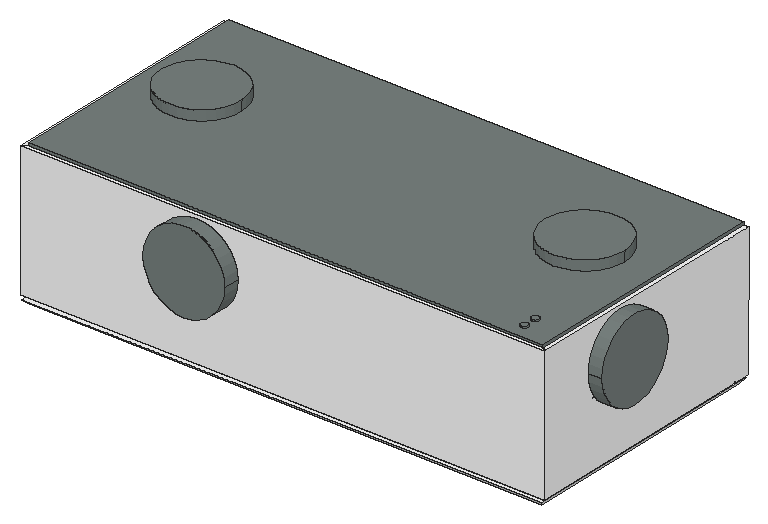
Revit family "AM 500 VDIDE", category Mechanical Equipment, Revit 2019
Family settings
  Round Connector Dimension = Use Diameter
  Part Type = Normal
  OmniClass Number = 23.75.00.00
  OmniClass Title = Climate Control (HVAC)
  Work Plane-Based = No
  Always vertical = Yes
  Cut with Voids When Loaded = No
  Shared = No
  Room Calculation Point = No
Parameters
  Weight (Standard Unit) = 108  # constant formula
  Water Heater Surface Return = 10 mm  # constant formula
  Water Heater Surface IN = 10 mm  # constant formula
  Visible [instance] = no
  URL = "www.airmaster-as.com"
  Total Width = 1600 mm  # constant formula
  Total Hight = 439 mm  # constant formula
  Top Panel [instance] = yes
  T-C Duct Supply = 171.3 mm  # constant formula
  T-C Duct Exhaust = 171.3 mm  # constant formula
  Suply Air In = 250 mm  # constant formula
  R-C Duct Supply = 238 mm  # constant formula
  Phase 1 - Max Power Consumption = "1762 W"
  Phase 1 - Max Current = "8,1 A"
  Panel R [instance] = yes
  Nominal current, electrical preheating surface = "4,4 A"
  Nominal current, electrical comfort heating surface = "2,6 A"
  Nominal current, air handling unit = "1,1 A"
  Network Conection = "AWG 24 CAT 5e STP"
  Model = "AM 500 VDIDE"
  Middle Panel [instance] = yes
  Max. flow rate 35 dB(A) with ePM10 80% filters = 440.00 m³  # constant formula
  Max. flow rate 35 dB(A) with ePM10 55% filters = 495.00 m³  # constant formula
  Max. flow rate 35 dB(A) with ePM10 50% filters = 550.00 m³  # constant formula
  Max. flow rate 30 dB(A) with ePM10 80% filters = 344.00 m³  # constant formula
  Max. flow rate 30 dB(A) with ePM10 55% filters = 387.00 m³  # constant formula
  Max. flow rate 30 dB(A) with ePM10 50% filters = 430.00 m³  # constant formula
  Manufacturer = "Airmaster A/S"
  Maintenance [instance] = no
  L-C Duct Exhaust = 192 mm  # constant formula
  Front Panel [instance] = yes
  Exhaust Air = 250 mm  # constant formula
  Total Depth = 779 mm  # constant formula
  Electrical connection = "1 ~ 230 V / N / PE / 50 Hz"
  Duct Supply = 250 mm  # constant formula
  Duct Extraction = 250 mm  # constant formula
  Drawn By = "LSB"
  Condensate = 9 mm  # constant formula
  Buttom Panel [instance] = yes
  BMS Panel = "(PTS) 2x2x0,6"
  BMS Out = "(PTS) 2x2x0,6"
  BMS IN = "(PTS) 2x2x0,6"
  Airlow area [instance] = no
Reference planes
  plane 1 "Center (Front/Back)": y = 0
  plane 2: z = 0
  plane 3 "Center (Left/Right)": x = 0
  plane 4 "Center L/S": y = -779
  plane 5 "Center L/T": x = -800
  plane 6 "Center L/U": x = 800
  plane 7 "TOP": z = 439
  plane 8 "Center L/V": x = -785
  plane 9 "Center L/W": y = -764
  plane 10 "Center L/X": x = 785
  plane 11 "Panel Buttom": z = 24.45
  plane 12 "Panel Top": z = 153.45
  plane 13 "Hatch": z = 14.5
  plane 14 "Center L/Z": z = 163.4
  plane 15 "Center L/AA": z = 292.4
  plane 16 "Center L/BB": z = 302.35
  plane 17 "Center L/CC": z = 431.35
Forms (mm)
  Extrusion 1, solid, material "AM Grey"
    sketch origin (0, 0, 0) x (1, 0, 0) y (0, 1, 0)
      loop
        line (-785, 0) -> (-785, -764) -> (785, -764) -> (785, 0) -> (-785, 0)
    from 14.5 to 439
  Extrusion 2, solid, material "AM White", visible <- "Visible"
    sketch origin (794.5, -1524, 24.45) x (0, -1, 0) y (-1, 0, 0)
      loop
        line (-745, -5.5) -> (-745, 1592.5) -> (-760, 1577.5) -> (-760, 9.5) -> (-1524, 9.5) -> (-1524, -5.5) -> (-745, -5.5)
    from 0 to -129
  Blend 3, solid, material "AM White"
    base sketch origin (-790.646, -1524, 14.5) x (0, -1, 0) y (1, 0, 0)
      loop
        line (-745, -2.387) -> (-745, 1583.657) -> (-1524, 1583.657) -> (-1524, -2.387) -> (-745, -2.387)
    top sketch origin (-790.646, -1524, 14.5) x (0, -1, 0) y (1, 0, 0)
      loop
        line (-760, 8.963) -> (-760, 1572.646) -> (-1509.161, 1572.646) -> (-1509.161, 8.963) -> (-760, 8.963)
    from 0 to -14.5
  Extrusion 4, solid, material "AM Grey"
    sketch origin (-785, -20, 0) x (0, 1, 0) y (0, 0, -1)
      loop
        arc (-34.231, -35.823) -> (-20.604, -46.468) -> (-15.509, -29.944) r 10.5
        arc (-15.509, -29.944) -> (-26.896, -26.432) -> (-34.231, -35.823) r 10.5
    from 0 to 14.9
  Extrusion 5, solid, material "AM Grey"
    sketch origin (785, 0, 0) x (0, -1, 0) y (0, 0, -1)
      loop
        circle (48.75, -36.414) r 8
    from 0 to 14.9
  Extrusion 6, solid, material "AM Grey"
    sketch origin (785, 0, 0) x (0, -1, 0) y (0, 0, -1)
      loop
        circle (48.75, -60.414) r 5.5
    from 0 to 14.9
  Extrusion 7, solid, material "AM Grey"
    sketch origin (785, 0, 0) x (0, -1, 0) y (0, 0, -1)
      loop
        arc (52.21, -82.945) -> (49.124, -78.934) -> (45.257, -82.197) r 3.5
        arc (45.257, -82.197) -> (48.376, -85.894) -> (52.21, -82.945) r 3.5
    from 0 to 14.9
  Extrusion 8, solid, material "AM Grey"
    sketch origin (785, 0, 0) x (0, -1, 0) y (0, 0, -1)
      loop
        arc (52.21, -104.867) -> (49.124, -100.856) -> (45.257, -104.119) r 3.5
        arc (45.257, -104.119) -> (48.376, -107.816) -> (52.21, -104.867) r 3.5
    from 0 to 14.9
  Extrusion 9, solid, material "AM Grey"
    sketch origin (785, 0, 0) x (0, -1, 0) y (0, 0, -1)
      loop
        arc (666.553, -391.641) -> (678.119, -403.614) -> (689.95, -391.903) r 11.7
        arc (689.95, -391.903) -> (678.381, -380.215) -> (666.553, -391.641) r 11.7
    from 0 to 2
  Extrusion 10, solid, material "AM Grey"
    sketch origin (785, 0, 0) x (0, -1, 0) y (0, 0, -1)
      loop
        arc (707.323, -393.239) -> (721.418, -403.717) -> (730.869, -388.914) r 12
        arc (730.869, -388.914) -> (717.082, -380.112) -> (707.323, -393.239) r 12
    from 0 to 2
  Extrusion 11, solid, material "AM Grey"
    sketch origin (-2194.69, 0, 0) x (1, 0, 0) y (0, 0, -1)
      loop
        arc (1478.835, -24) -> (1493.457, -45.482) -> (1480.281, -23.084) r 13
        line (1480.281, -23.084) -> (1478.835, -24)
    from 0 to 2
  Extrusion 12, solid, material "AM Grey"
    sketch origin (0, 0, 439) x (1, 0, 0) y (0, 1, 0)
      loop
        arc (693.662, -689.53) -> (693, -667.55) -> (692.338, -689.53) r 11
        line (692.338, -689.53) -> (693.662, -689.53)
    from 0 to 2
  Extrusion 13, solid, material "AM Grey"
    sketch origin (0, 0, 439) x (1, 0, 0) y (0, 1, 0)
      loop
        arc (693.662, -730.28) -> (693, -708.3) -> (692.338, -730.28) r 11
        line (692.338, -730.28) -> (693.662, -730.28)
    from 0 to 2
  Extrusion 14, solid, material "Maintenece", visible <- "Maintenance"
    sketch origin (-790.646, -1524, 0) x (1, 0, 0) y (0, -1, 0)
      loop
        line (-9.354, -1524) -> (1590.646, -1524) -> (1590.646, -745) -> (-9.354, -745) -> (-9.354, -1524)
    from 0 to 1200
  Extrusion 15, solid, material "AM Grey"
    sketch origin (785, 0, 0) x (0, -1, 0) y (0, 0, -1)
      loop
        circle (489, -299.25) r 125
    from 0 to 60
  Extrusion 16, solid, material "AM White", visible <- "Middle Panel"
    sketch origin (794.5, -1524, 163.4) x (0, -1, 0) y (-1, 0, 0)
      loop
        line (-1524, 1594.5) -> (-1524, 1579.5) -> (-762, 1579.5) -> (-747, 1594.5) -> (-1524, 1594.5)
    from 0 to -129
  Extrusion 17, solid, material "AM White", visible <- "Top Panel"
    sketch origin (794.5, -1524, 302.35) x (0, -1, 0) y (-1, 0, 0)
      loop
        line (-1524, 1594.5) -> (-1524, 1579.5) -> (-762, 1579.5) -> (-747, 1594.5) -> (-1524, 1594.5)
    from 0 to -129
  Extrusion 18, solid, material "AM Grey"
    sketch origin (785, -764, 0) x (-1, 0, 0) y (0, 0, -1)
      loop
        circle (1045, -298.664) r 125
    from 0 to 63
  Extrusion 19, solid, material "AM White", visible <- "Front Panel"
    sketch origin (794.5, -1524, 163.4) x (0, -1, 0) y (-1, 0, 0)
      loop
        line (-745, -3.5) -> (-745, 1592.5) -> (-760, 1577.5) -> (-760, 11.5) -> (-745, -3.5)
    from 138.95 to -267.95
  Extrusion 20, solid, material "AM White", visible <- "Panel R"
    sketch origin (794.5, -1524, 24.45) x (0, -1, 0) y (-1, 0, 0)
      loop
        line (-1524, 9.5) -> (-1524, -5.5) -> (-747, -5.5) -> (-762, 9.5) -> (-1524, 9.5)
    from -406.9 to 0
  Extrusion 21, solid, material "AM White", visible <- "Buttom Panel"
    sketch origin (794.5, -1524, 24.45) x (0, -1, 0) y (-1, 0, 0)
      loop
        line (-1524, 1594.5) -> (-1524, 1579.5) -> (-762, 1579.5) -> (-747, 1594.5) -> (-1524, 1594.5)
    from 0 to -129
  Extrusion 22, solid, material "AM Grey"
    sketch origin (0, 0, 439) x (1, 0, 0) y (0, 1, 0)
      loop
        circle (-606.5, -327.8) r 121.822
    from 0 to 30
  Extrusion 23, solid, material "AM Grey"
    sketch origin (1170, 0, 439) x (1, 0, 0) y (0, 1, 0)
      loop
        circle (-606.5, -327.8) r 121.822
    from 0 to 30
Dimensions and locks
  "Total Depth": plane 4 "Center L/S" to plane 1 "Center (Front/Back)"
  equal spacing: plane 5 "Center L/T", plane 3 "Center (Left/Right)", plane 6 "Center L/U"
  "Total Width": plane 5 "Center L/T" to plane 6 "Center L/U"
  "Total Hight": plane 7 "TOP" to level
  locked: plane 10 "Center L/X" to plane 6 "Center L/U" at 15
  locked: plane 4 "Center L/S" to plane 9 "Center L/W" at 15
  locked: plane 5 "Center L/T" to plane 8 "Center L/V" at 15
  Extrusion 1 to Blend 3 sketch curve = 14.839 mm
  aligned and locked: level to plane 2
  aligned and locked: plane 1 "Center (Front/Back)" to Extrusion 1 sketch curve
  aligned and locked: Extrusion 1 sketch curve to plane 8 "Center L/V"
  aligned and locked: Extrusion 1 sketch curve to plane 9 "Center L/W"
  aligned and locked: Extrusion 1 sketch curve to plane 10 "Center L/X"
  aligned and locked: plane 7 "TOP" to Extrusion 1
  aligned and locked: plane 4 "Center L/S" to Extrusion 2 sketch curve
  aligned and locked: plane 6 "Center L/U" to Extrusion 2 sketch curve
  aligned and locked: Extrusion 2 sketch curve to Extrusion 1  (x2)
  aligned and locked: plane 1 "Center (Front/Back)" to Extrusion 2 sketch curve
  aligned and locked: Extrusion 2 to plane 12 "Panel Top"
  aligned and locked: Blend 3 to plane 2
  aligned and locked: plane 13 "Hatch" to Extrusion 1
  aligned and locked: Extrusion 16 to plane 15 "Center L/AA"
  aligned and locked: Extrusion 17 to plane 17 "Center L/CC"
  aligned and locked: Extrusion 19 to plane 17 "Center L/CC"
Automatic sketch dimensions
  plane 8 "Center L/V" to Extrusion 2 sketch curve = 2 mm
  plane 5 "Center L/T" to Extrusion 2 sketch curve = 2 mm
  plane 1 "Center (Front/Back)" to Blend 3 sketch curve = 0 mm
  plane 4 "Center L/S" to Blend 3 sketch curve = 0 mm
  plane 5 "Center L/T" to Blend 3 sketch curve = 6.967 mm
  Blend 3 sketch curve to plane 6 "Center L/U" = 6.989 mm
  plane 9 "Center L/W" to Blend 3 sketch curve = 0 mm
  plane 8 "Center L/V" to Blend 3 sketch curve = 3.316 mm
  Blend 3 sketch curve to plane 10 "Center L/X" = 3 mm
  Extrusion 4 sketch curve to Extrusion 4 sketch curve = 0 mm  (x2)
  Extrusion 1 to Extrusion 4 sketch curve = 43.75 mm
  Extrusion 1 to Extrusion 4 sketch curve = 21.95 mm
  Extrusion 4 sketch curve to Extrusion 4 sketch curve = 10.481 mm
  Extrusion 4 sketch curve to Extrusion 4 sketch curve = 8.241 mm
  Extrusion 4 sketch curve to Extrusion 4 sketch curve = 0.627 mm
  Extrusion 1 to Extrusion 5 sketch curve = 21.914 mm
  Extrusion 1 to Extrusion 5 sketch curve = 48.75 mm
  Extrusion 1 to Extrusion 6 sketch curve = 48.75 mm
  Extrusion 1 to Extrusion 6 sketch curve = 45.914 mm
  Extrusion 7 sketch curve to Extrusion 7 sketch curve = 0 mm  (x2)
  Extrusion 1 to Extrusion 7 sketch curve = 48.75 mm
  Extrusion 1 to Extrusion 7 sketch curve = 67.914 mm
  Extrusion 7 sketch curve to Extrusion 7 sketch curve = 3.493 mm
  Extrusion 7 sketch curve to Extrusion 7 sketch curve = 3.46 mm
  Extrusion 7 sketch curve to Extrusion 7 sketch curve = 0.531 mm
  Extrusion 8 sketch curve to Extrusion 8 sketch curve = 0 mm  (x2)
  Extrusion 1 to Extrusion 8 sketch curve = 48.75 mm
  Extrusion 1 to Extrusion 8 sketch curve = 89.836 mm
  Extrusion 8 sketch curve to Extrusion 8 sketch curve = 3.493 mm
  Extrusion 8 sketch curve to Extrusion 8 sketch curve = 3.46 mm
  Extrusion 8 sketch curve to Extrusion 8 sketch curve = 0.531 mm
  Extrusion 9 sketch curve to Extrusion 9 sketch curve = 0 mm  (x2)
  Extrusion 1 to Extrusion 9 sketch curve = 85.75 mm
  Extrusion 1 to Extrusion 9 sketch curve = 47.086 mm
  Extrusion 9 sketch curve to Extrusion 9 sketch curve = 11.697 mm
  Extrusion 9 sketch curve to Extrusion 9 sketch curve = 11.7 mm
  Extrusion 9 sketch curve to Extrusion 9 sketch curve = 0.011 mm
  Extrusion 10 sketch curve to Extrusion 10 sketch curve = 0 mm  (x2)
  Extrusion 1 to Extrusion 10 sketch curve = 44.75 mm
  Extrusion 1 to Extrusion 10 sketch curve = 47.086 mm
  Extrusion 10 sketch curve to Extrusion 10 sketch curve = 11.927 mm
  Extrusion 10 sketch curve to Extrusion 10 sketch curve = 11.619 mm
  Extrusion 10 sketch curve to Extrusion 10 sketch curve = 1.325 mm
  Extrusion 1 to Extrusion 11 sketch curve = 9.5 mm
  Extrusion 11 sketch curve to Extrusion 1 = 69.145 mm
  Extrusion 1 to Extrusion 11 sketch curve = 8.584 mm
  Extrusion 11 sketch curve to Extrusion 11 sketch curve = 1.446 mm
  Extrusion 11 sketch curve to Extrusion 11 sketch curve = 6.219 mm
  Extrusion 12 sketch curve to Extrusion 1 = 92.662 mm
  Extrusion 12 sketch curve to Extrusion 12 sketch curve = 0.662 mm
  Extrusion 12 sketch curve to Extrusion 1 = 74.47 mm
  Extrusion 12 sketch curve to Extrusion 12 sketch curve = 10.98 mm
  Extrusion 13 sketch curve to Extrusion 1 = 92.662 mm
  Extrusion 13 sketch curve to Extrusion 13 sketch curve = 0.662 mm
  Extrusion 13 sketch curve to Extrusion 1 = 33.72 mm
  Extrusion 13 sketch curve to Extrusion 13 sketch curve = 10.98 mm
  Extrusion 14 sketch curve to Blend 3 = 18.316 mm
  Extrusion 14 sketch curve to Blend 3 = 18 mm
  Extrusion 14 sketch curve to Blend 3 = 15 mm
  Extrusion 14 sketch curve to Blend 3 = 14.839 mm
  Extrusion 1 to Extrusion 15 sketch curve = 275 mm
  Extrusion 1 to Extrusion 15 sketch curve = 139.75 mm
  plane 1 "Center (Front/Back)" to Extrusion 16 sketch curve = 0 mm
  Extrusion 16 sketch curve to plane 8 "Center L/V" = 0 mm
  Extrusion 16 sketch curve to plane 5 "Center L/T" = 0 mm
  Extrusion 16 sketch curve to plane 9 "Center L/W" = 2 mm
  Extrusion 16 sketch curve to plane 4 "Center L/S" = 2 mm
  plane 1 "Center (Front/Back)" to Extrusion 17 sketch curve = 0 mm
  Extrusion 17 sketch curve to plane 8 "Center L/V" = 0 mm
  Extrusion 17 sketch curve to plane 5 "Center L/T" = 0 mm
  Extrusion 17 sketch curve to plane 9 "Center L/W" = 2 mm
  Extrusion 17 sketch curve to plane 4 "Center L/S" = 2 mm
  Extrusion 1 to Extrusion 18 sketch curve = 140.336 mm
  Extrusion 1 to Extrusion 18 sketch curve = 525 mm
  plane 9 "Center L/W" to Extrusion 19 sketch curve = 0 mm
  plane 4 "Center L/S" to Extrusion 19 sketch curve = 0 mm
  plane 5 "Center L/T" to Extrusion 19 sketch curve = 2 mm
  plane 8 "Center L/V" to Extrusion 19 sketch curve = 2 mm
  Extrusion 19 sketch curve to plane 10 "Center L/X" = 2 mm
  Extrusion 19 sketch curve to plane 6 "Center L/U" = 2 mm
  plane 1 "Center (Front/Back)" to Extrusion 20 sketch curve = 0 mm
  Extrusion 20 sketch curve to plane 10 "Center L/X" = 0 mm
  Extrusion 20 sketch curve to plane 6 "Center L/U" = 0 mm
  Extrusion 20 sketch curve to plane 9 "Center L/W" = 2 mm
  Extrusion 20 sketch curve to plane 4 "Center L/S" = 2 mm
  plane 1 "Center (Front/Back)" to Extrusion 21 sketch curve = 0 mm
  Extrusion 21 sketch curve to plane 8 "Center L/V" = 0 mm
  Extrusion 21 sketch curve to plane 5 "Center L/T" = 0 mm
  Extrusion 21 sketch curve to plane 9 "Center L/W" = 2 mm
  Extrusion 21 sketch curve to plane 4 "Center L/S" = 2 mm
  Extrusion 22 sketch curve to Extrusion 1 = 178.5 mm
  Extrusion 22 sketch curve to Extrusion 1 = 327.8 mm
  Extrusion 23 sketch curve to Extrusion 1 = 221.5 mm
  Extrusion 23 sketch curve to Extrusion 1 = 327.8 mm
  radius of Extrusion 5 sketch curve = 8 mm
  radius of Extrusion 6 sketch curve = 5.5 mm
  radius of Extrusion 15 sketch curve = 125 mm
  radius of Extrusion 18 sketch curve = 125 mm
  radius of Extrusion 22 sketch curve = 121.822 mm
  radius of Extrusion 23 sketch curve = 121.822 mm
Nested families
  nested 1: "Model Label 2019" at (0, -361.924, 0), Label <- "Model", type "Model Label 2019"
    with Label "AM 500 VDIDE"
Connectors
  piping at (-799.9, -44.87, 32.883), diameter 9, driven by "Condensate"
    settings: on Extrusion 4, index 1, connector inside diameter 609.6 mm, connector length 0 mm, flow factor 0, pipe flow 0.0 L/s, pressure drop 0.0 Pa, fitting loss kfactor 0, connector angle 0.00°, fixture units 0, engagement length 0 mm, angle of deflection 0.00°, flow configuration 0, flow direction 0, fitting loss method 0, system type 16, joint type 0, gender type 0, connector reference index -1, connector utility 0, adjustable connector no, is connector primary yes, connector description ""
  electrical at (799.9, -48.75, 36.414), driven by "Electrical connection"
    settings: on Extrusion 5, index 2, voltage 230 V, apparent load 0 VA, apparent load phase1 0 VA, apparent load phase2 0 VA, apparent load phase3 0 VA, power factor 0.58, load classification "Other", number of poles 1, system type 30, power factor state 1, is connector primary yes, connector utility no, sub classification motor no, connector description "1 ~ 230 V / N / PE / 50 Hz"
  electrical at (799.9, -48.75, 60.414), driven by "Network Conection"
    settings: on Extrusion 6, index 3, voltage 0 V, apparent load 0 VA, apparent load phase1 0 VA, apparent load phase2 0 VA, apparent load phase3 0 VA, power factor 1, load classification "Other", number of poles 1, system type 5, power factor state 1, is connector primary no, connector utility no, sub classification motor no, connector description "AWG 24 CAT 5e STP"
  electrical at (799.9, -48.733, 82.571), driven by "BMS IN"
    settings: on Extrusion 7, index 4, voltage 0 V, apparent load 0 VA, apparent load phase1 0 VA, apparent load phase2 0 VA, apparent load phase3 0 VA, power factor 1, load classification "Other", number of poles 1, system type 5, power factor state 1, is connector primary no, connector utility no, sub classification motor no, connector description "(PTS) 2x2x0,6"
  electrical at (799.9, -48.733, 104.493), driven by "BMS Out"
    settings: on Extrusion 8, index 5, voltage 0 V, apparent load 0 VA, apparent load phase1 0 VA, apparent load phase2 0 VA, apparent load phase3 0 VA, power factor 1, load classification "Other", number of poles 1, system type 5, power factor state 1, is connector primary no, connector utility no, sub classification motor no, connector description "(PTS) 2x2x0,6"
  piping at (787, -719.096, 391.076), diameter 10, driven by "Water Heater Surface IN"
    settings: on Extrusion 10, index 6, connector inside diameter 609.6 mm, connector length 0 mm, flow factor 0, pipe flow 0.0 L/s, pressure drop 0.0 Pa, fitting loss kfactor 0, connector angle 0.00°, fixture units 0, engagement length 0 mm, angle of deflection 0.00°, flow configuration 0, flow direction 1, fitting loss method 0, system type 7, joint type 0, gender type 0, connector reference index -1, connector utility 0, adjustable connector no, is connector primary no, connector description ""
  piping at (787, -678.252, 391.772), diameter 10, driven by "Water Heater Surface Return"
    settings: on Extrusion 9, index 7, connector inside diameter 609.6 mm, connector length 0 mm, flow factor 0, pipe flow 0.0 L/s, pressure drop 0.0 Pa, fitting loss kfactor 0, connector angle 0.00°, fixture units 0, engagement length 0 mm, angle of deflection 0.00°, flow configuration 0, flow direction 2, fitting loss method 0, system type 8, joint type 0, gender type 0, connector reference index -1, connector utility 0, adjustable connector no, is connector primary no, connector description ""
  piping at (-715.132, 2, 23.542), diameter 9, driven by "Condensate"
    settings: on Extrusion 11, index 8, connector inside diameter 609.6 mm, connector length 0 mm, flow factor 0, pipe flow 0.0 L/s, pressure drop 0.0 Pa, fitting loss kfactor 0, connector angle 0.00°, fixture units 0, engagement length 0 mm, angle of deflection 0.00°, flow configuration 0, flow direction 0, fitting loss method 0, system type 16, joint type 0, gender type 0, connector reference index -1, connector utility 0, adjustable connector no, is connector primary no, connector description "9"
  piping at (693, -730.28, 441), diameter 10, driven by "Water Heater Surface IN"
    settings: on Extrusion 13, index 11, connector inside diameter 609.6 mm, connector length 0 mm, flow factor 0, pipe flow 0.0 L/s, pressure drop 0.0 Pa, fitting loss kfactor 0, connector angle 0.00°, fixture units 0, engagement length 0 mm, angle of deflection 0.00°, flow configuration 0, flow direction 0, fitting loss method 0, system type 19, joint type 0, gender type 0, connector reference index -1, connector utility 0, adjustable connector no, is connector primary no, connector description ""
  piping at (693, -689.53, 441), diameter 10, driven by "Water Heater Surface Return"
    settings: on Extrusion 12, index 12, connector inside diameter 609.6 mm, connector length 0 mm, flow factor 0, pipe flow 0.0 L/s, pressure drop 0.0 Pa, fitting loss kfactor 0, connector angle 0.00°, fixture units 0, engagement length 0 mm, angle of deflection 0.00°, flow configuration 0, flow direction 0, fitting loss method 0, system type 19, joint type 0, gender type 0, connector reference index -1, connector utility 0, adjustable connector no, is connector primary no, connector description ""
  hvac at (785, -489, 299.25), driven by "Duct Extraction"
    settings: on Extrusion 15, index 15, duct flow 0.0 L/s, flow factor 0, pres drop 0.0 Pa, loss coef 0, conn angle 0.00°, conn width 304.8 mm, conn height 304.8 mm, conn diameter 250 mm, duct sys type 2, conn prof type 0, flow config 0, flow direction 0, loss method 0, conn ref index -1, conn util no, is conn primary yes, conn desc ""
  hvac at (-260, -764, 298.664), driven by "Duct Supply"
    settings: on Extrusion 18, index 16, duct flow 0.0 L/s, flow factor 0, pres drop 0.0 Pa, loss coef 0, conn angle 0.00°, conn width 304.8 mm, conn height 304.8 mm, conn diameter 250 mm, duct sys type 1, conn prof type 0, flow config 0, flow direction 2, loss method 0, conn ref index -1, conn util no, is conn primary no, conn desc ""
  hvac at (563.5, -327.8, 439), driven by "Exhaust Air"
    settings: on Extrusion 23, index 19, duct flow 0.0 L/s, flow factor 0, pres drop 0.0 Pa, loss coef 0, conn angle 0.00°, conn width 304.8 mm, conn height 304.8 mm, conn diameter 250 mm, duct sys type 1, conn prof type 0, flow config 0, flow direction 0, loss method 0, conn ref index -1, conn util no, is conn primary no, conn desc ""
  hvac at (-606.5, -327.8, 439), driven by "Exhaust Air"
    settings: on Extrusion 22, index 20, duct flow 0.0 L/s, flow factor 0, pres drop 0.0 Pa, loss coef 0, conn angle 0.00°, conn width 304.8 mm, conn height 304.8 mm, conn diameter 250 mm, duct sys type 3, conn prof type 0, flow config 0, flow direction 0, loss method 0, conn ref index -1, conn util no, is conn primary no, conn desc ""
Definition of nested family "Model Label 2019"
  Parameters (values of type "Model Label 2019")
    Label [instance] = ""
  Reference planes
    plane 1: y = 0
    plane 2: x = 0
  Text (mm)
    label "Label" at (-0.131, 0.049, 0), shows "Label"
